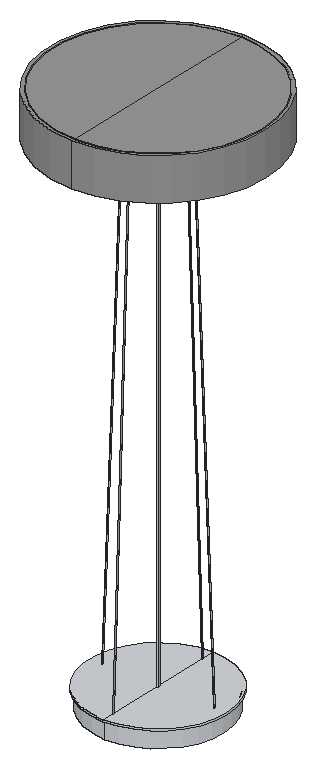
Revit family "PFRD-ACPMK", category Lighting Fixtures, host Face, Revit 2022
Family settings
  Host = Face
  Round Connector Dimension = Use Diameter
  Part Type = Normal
  Cut with Voids When Loaded = Yes
  Light Source = Yes
  Maintain Annotation Orientation = No
  Shared = No
  Room Calculation Point = No
Parameters (values of type "PFRD16-20W-3000K-ACPMK")
  r = R / 3  # 0' - 2 79/128"
  Wattage Comments = "20W"
  Wattage = 12.7439 W
  built-in parameter 1150110 = 1 (stored number, unit not read)
  URL = "https://www.abovealllighting.com/Product/LED-INDOOR-FIXTURE/Pendant/PrimeFocusRound.html"
  built-in parameter 1114217 = 1 (stored number, unit not read)
  Tilt Angle = 90.00°
  built-in parameter 1150109 = 1 (stored number, unit not read)
  built-in parameter 1150134 = (empty or 0)
  Suspended = 3' - 0"
  built-in parameter 1150113 = 1 (stored number, unit not read)
  R = 0' - 7 109/128"
  Power Factor = "0.9"
  Photometric Web File = "PFRD16-20W-3000K.IES"
  Note = "Max. Aircraft Cable and Wire Cord Length: 59\" (1500mm)."
  Model = "PFRD16-20-30901-ACPMK-WH"
  Manufacturer = "Above All Lighting"  # constant formula
  built-in parameter 1150105 = 150.64 (stored number, unit not read)
  Lumens = 1893 lm
  built-in parameter 1150115 = 1 (stored number, unit not read)
  Load Classification = Lighting
  built-in parameter 1150137 = (empty or 0)
  built-in parameter 1150139 = (empty or 0)
  Lens = R - 0' 0 1/4"  # 0' - 7 77/128"
  built-in parameter 1150112 = 1 (stored number, unit not read)
  built-in parameter 1150114 = 1 (stored number, unit not read)
  Lamp = "LED"
  Input Voltage = "120-277V"
  built-in parameter 1150132 = 2
  built-in parameter 1150102 = (empty or 0)
  built-in parameter 1150107 = 3000 (stored number, unit not read)
  built-in parameter 1150138 = (empty or 0)
  built-in parameter 1150106 = 1.5064 (stored number, unit not read)
  built-in parameter 1150104 = 13.8 (stored number, unit not read)
  Dimming Lamp Color Temperature Shift = <None>
  Default Elevation = 0' - 0"
  Color Filter = 16777215
  CRI = "90"
  built-in parameter 1114218 = 1 (stored number, unit not read)
  built-in parameter 1150133 = 10 (stored number, unit not read)
  A = 0' - 5"
Types (6): name | r | Wattage Comments | Wattage | R | Photometric Web File | Model | built-in parameter 1150105 | Lumens | Lens | built-in parameter 1150106 | A
  (no name) | 0' - 2 79/128" | "20W" | 12.7439 W | 0' - 7 109/128" | "PFRD16-20W-3000K.IES" | "PFRD16-20-30901-ACPMK-WH" | 150.64 (stored number, unit not read) | 1893 lm | 0' - 7 77/128" | 1.5064 (stored number, unit not read) | 0' - 5"
  PFRD16-20W-3000K-ACPMK | 0' - 2 79/128" | "20W" | 12.7439 W | 0' - 7 109/128" | "PFRD16-20W-3000K.IES" | "PFRD16-20-30901-ACPMK-WH" | 150.64 (stored number, unit not read) | 1893 lm | 0' - 7 77/128" | 1.5064 (stored number, unit not read) | 0' - 5"
  PFRD19-25W-3000K-ACPMK | 0' - 3.14974" | "25W" | 14.8712 W | 0' - 9 115/256" | "PFRD19-25W-3000K.IES" | "PFRD19-25-30901-ACPMK-WH" | 1517.3 (stored number, unit not read) | 2209 lm | 0' - 9 51/256" | 15.173 (stored number, unit not read) | 0' - 5"
  PFRD35-90W-3000K-ACPMK | 0' - 5.87843" | "90W" | 49.9118 W | 1' - 5.6353" | "PFRD35-90W-3000K.IES" | "PFRD35-90-30901-ACPMK-WH" | 4247.1 (stored number, unit not read) | 7414 lm | 1' - 5.3853" | 42.471 (stored number, unit not read) | 0' - 5"
  PFRD47-180W-3000K-ACPMK | 0' - 7 111/128" | "180W" | 101.123 W | 1' - 11 77/128" | "PFRD47-180W-3000K.IES" | "PFRD47-180-30901-ACPMK-WH" | 3799.8 (stored number, unit not read) | 15021 lm | 1' - 11 45/128" | 37.998 (stored number, unit not read) | 0' - 6 115/128"
  PFRD59-220W-3000K-ACPMK | 0' - 9.83333" | "220W" | 128.953 W | 2' - 5 1/2" | "PFRD59-220W-3000K.IES" | "PFRD59-220-30901-ACPMK-WH" | 4152.8 (stored number, unit not read) | 19155 lm | 2' - 5 1/4" | 41.528 (stored number, unit not read) | 0' - 8 109/128"
Reference planes (in)
  plane 1 "Center (Front/Back)": y = 0
  plane 2: z = 0
  plane 3 "Center (Left/Right)": x = 0
Forms (in)
  Revolve 1, solid, material "Paint"
    sketch origin (0, 0, 46) x (0, 1, 0) y (0, 0, 1)
      loop
        line (0, -10) -> (7.85156, -10) -> (7.85156, -6.9) -> (7.60156, -6.9) -> (7.60156, -7.64825) -> (0, -7.64825) -> (0, -10)
      axis (0, -6.9) -> (0, -10)
    angle from 0 to 360
  Revolve 2, solid, material "Glass, White, High Luminance"
    sketch origin (0, 1, 46) x (0, 1, 0) y (0, 0, 1)
      loop
        line (6.60156, -6.9) -> (-1, -6.9) -> (-1, -7.0264) -> (6.60156, -7.0264) -> (6.60156, -6.9)
      axis (-1, -6.9) -> (-1, -7.0264)
    angle from 0 to 360
  Revolve 3, solid
    sketch origin (0, 0, -1.25) x (0, 1, 0) y (0, 0, 1)
      loop
        line (0, 0) -> (4.80502, 0) -> (4.80502, 1.25) -> (5, 1.25) -> (5, 1.38) -> (0, 1.38) -> (0, 0)
      axis (0, 1.38) -> (0, 0)
    angle from 0 to 360
  Sweep 4, solid
    path origin (0, 8.08385, -13.13) x (0, 1, 0) y (0, 0, 1)
      loop
        line (-4.0131, 13.26) -> (-5.46666, 49.13)
    profile origin (0, 3.34397, 18.065) x (0, -0.99918, -0.04049) y (1, 0, 0)
      loop
        circle (0, 0) r 0.03275
  Sweep 5, solid
    path origin (-8.08385, 0, -13.13) x (-1, 0, 0) y (0, 0, 1)
      loop
        line (-4.0131, 13.26) -> (-5.46666, 49.13)
    profile origin (-3.34397, 0, 18.065) x (0.99918, 0, -0.04049) y (0, 1, 0)
      loop
        circle (0, 0) r 0.03275
  Sweep 6, solid
    path origin (0, -8.08385, -13.13) x (0, -1, 0) y (0, 0, 1)
      loop
        line (-4.0131, 13.26) -> (-5.46666, 49.13)
    profile origin (0, -3.34397, 18.065) x (0, 0.99918, -0.04049) y (-1, 0, 0)
      loop
        circle (0, 0) r 0.03275
  Sweep 7, solid
    path origin (8.08385, 0, -13.13) x (1, 0, 0) y (0, 0, 1)
      loop
        line (-4.0131, 13.26) -> (-5.46666, 49.13)
    profile origin (3.34397, 0, 18.065) x (-0.99918, 0, -0.04049) y (0, -1, 0)
      loop
        circle (0, 0) r 0.03275
  Extrusion 8, solid
    sketch origin (0, 0, 0) x (1, 0, 0) y (0, 1, 0)
      loop
        circle (0, 0) r 0.08906
    from 0.13 to 36
Dimensions and locks (in)
  "R": Revolve 1 sketch curve to Revolve 1 sketch curve
  "Lens": Revolve 2 sketch curve to Revolve 2 sketch curve
  "A": Revolve 3 sketch curve to Revolve 3 sketch curve
  "r": imposter light to Sweep 6 sketch curve
  "r": imposter light to Sweep 5 sketch curve
  "r": Sweep 4 sketch curve to imposter light
  "r": Sweep 7 sketch curve to imposter light
  "Suspended": Revolve 1 to host face
  Revolve 2 sketch curve to imposter light = 0' - 0.1264"
  Revolve 2 sketch curve to Revolve 1 = 0' - 2.9736"
  diameter of Revolve 2 = 1' - 3 13/64"
  aligned and locked: plane 2 to host face
  aligned and locked: level to host face
  aligned and locked: Revolve 1 sketch curve to plane 1 "Center (Front/Back)"
  aligned and locked: Revolve 2 sketch curve to Revolve 2 sketch curve
  aligned and locked: Revolve 2 sketch curve to plane 1 "Center (Front/Back)"
  aligned and locked: Revolve 3 to Sweep 4 sketch curve
  aligned and locked: Revolve 1 to Sweep 4 sketch curve
  aligned and locked: Revolve 1 to imposter light
  aligned and locked: Revolve 1 to Sweep 6 sketch curve
  aligned and locked: Revolve 1 to Sweep 5 sketch curve
  aligned and locked: Revolve 1 to Sweep 7 sketch curve
  aligned and locked: Extrusion 8 to Revolve 3
  aligned and locked: Revolve 1 to Extrusion 8
Automatic sketch dimensions
  host sketch curve to host sketch curve = 8' - 0"  (x2)
  Sweep 4 sketch curve to plane 3 "Center (Left/Right)" = 0' - 0"
  Sweep 4 sketch curve to profile plane = 0' - 0"
  Sweep 5 sketch curve to profile plane = 0' - 0"  (x2)
  profile plane to Sweep 6 sketch curve = 0' - 0"
  Sweep 6 sketch curve to profile plane = 0' - 0"
  Sweep 7 sketch curve to profile plane = 0' - 0"
  profile plane to Sweep 7 sketch curve = 0' - 0"
  plane 1 "Center (Front/Back)" to Extrusion 8 sketch curve = 0' - 0"
  Extrusion 8 sketch curve to plane 3 "Center (Left/Right)" = 0' - 0"
  Revolve 1 sketch curve to plane 1 "Center (Front/Back)" = 0' - 0"
  Revolve 1 sketch curve to Revolve 1 sketch curve = 0' - 0 1/4"
  level to Revolve 1 sketch curve = 3' - 0"
  Revolve 1 sketch curve to Revolve 1 sketch curve = 0' - 2.35175"
  Revolve 1 sketch curve to Revolve 1 sketch curve = 0' - 0.74825"
  Revolve 1 sketch curve to Revolve 1 sketch curve = 1' - 4.64825"
  Revolve 1 sketch curve to Revolve 1 sketch curve = 6' - 1.27586"
  Revolve 2 sketch curve to Revolve 2 sketch curve = 0' - 0.1264"
  Revolve 2 sketch curve to Revolve 2 sketch curve = 1' - 3.9"
  Revolve 2 sketch curve to Revolve 2 sketch curve = 6' - 1.27586"
  Revolve 3 sketch curve to plane 1 "Center (Front/Back)" = 0' - 0"  (x2)
  Revolve 3 sketch curve to level = 0' - 0"
  Revolve 3 sketch curve to Revolve 3 sketch curve = 0' - 0.19498"
  Revolve 3 sketch curve to level = 0' - 1 1/4"
  Revolve 3 sketch curve to Revolve 3 sketch curve = 0' - 0.13"
  Revolve 3 sketch curve to Revolve 3 sketch curve = 2' - 0"
  Revolve 3 sketch curve to Revolve 3 sketch curve = 7' - 6.89586"
  Sweep 4 sketch curve to plane 1 "Center (Front/Back)" = 0' - 4.07075"
  level to Sweep 5 sketch curve = 0' - 0.13"
  Sweep 5 sketch curve to plane 3 "Center (Left/Right)" = 0' - 4.07075"
  level to Sweep 6 sketch curve = 0' - 0.13"
  plane 1 "Center (Front/Back)" to Sweep 6 sketch curve = 0' - 4.07075"
  level to Sweep 7 sketch curve = 0' - 0.13"
  plane 3 "Center (Left/Right)" to Sweep 7 sketch curve = 0' - 4.07075"
  radius of Sweep 4 sketch curve = 0' - 0.03275"
  radius of Sweep 5 sketch curve = 0' - 0.03275"
  radius of Sweep 6 sketch curve = 0' - 0.03275"
  radius of Sweep 7 sketch curve = 0' - 0.03275"
  radius of Extrusion 8 sketch curve = 0' - 0.08906"
